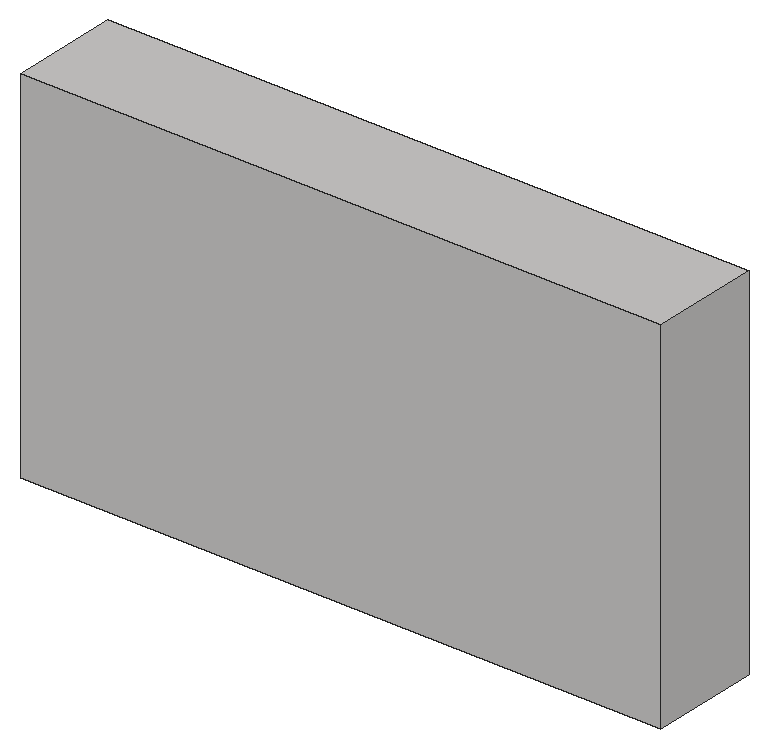
Revit family "T93062A Kubus65 Kombi LED syrefast stål Alog_Vegg", category Lighting Fixtures, Revit 2016
Family settings
  Part Type = Normal
  Round Connector Dimension = Use Diameter
  OmniClass Number = 23.80.70.11.21
  OmniClass Title = Emergency Lighting
  Work Plane-Based = No
  Always vertical = Yes
  Cut with Voids When Loaded = No
  Light Source = Yes
  Shared = No
  Room Calculation Point = No
Parameters (values of type "LedeLys")
  Type Comments = "-UN"
  NS8360 = "4432_WT2"
  Markeringslys normal = no
  Markeringslys ikke normal = no
  Keynote = "WT2"
  Height 2 = 0 mm  # constant formula
  Width = 63.5 mm
  Wattage Comments = "17 W"
  Wattage = 9.2903 W
  built-in parameter 1150110 = 1 (stored number, unit not read)
  Voltage = 230 V
  URL = ""
  built-in parameter 1114217 = 1 (stored number, unit not read)
  Tilt Angle = 90.00°
  built-in parameter 1150109 = 1 (stored number, unit not read)
  built-in parameter 1150134 = 3
  Symbol Positive Direction [instance] = yes
  Symbol Offset Side [instance] = 0 mm
  Symbol Offset Out [instance] = 0 mm
  built-in parameter 1150113 = 1 (stored number, unit not read)
  Reference Line Out [instance] = 50 mm
  Photometric Web File = "20x42A12.ies"
  Number of Poles = 1
  MarkeringsLys Venstre = yes
  MarkeringsLys Ned = no
  MarkeringsLys Opp = no
  MarkeringsLys Høyre = no
  MarkeringsLys 45 Opp mot venstre = no
  MarkeringsLys 45 Opp mot høyre = no
  MarkeringsLys 45 Ned mot venstre = no
  MarkeringsLys 45 Ned mot høyre = no
  ML = no
  built-in parameter 1150105 = 109.82 (stored number, unit not read)
  Lumens = 1380 lm
  built-in parameter 1150115 = 1 (stored number, unit not read)
  Load Classification [instance] = Other
  Model = ""
  Manufacturer = "Honeywell"
  built-in parameter 1150137 = (empty or 0)
  built-in parameter 1150139 = (empty or 0)
  Length 1 = 340 mm
  Length = 370 mm
  LedeLys = yes
  built-in parameter 1150112 = 1 (stored number, unit not read)
  built-in parameter 1150114 = 1 (stored number, unit not read)
  Lamp = "1"
  built-in parameter 1150132 = (empty or 0)
  built-in parameter 1150102 = (empty or 0)
  built-in parameter 1150107 = 3200 (stored number, unit not read)
  built-in parameter 1150138 = (empty or 0)
  built-in parameter 1150106 = 1.0982 (stored number, unit not read)
  Height 1 = 180 mm
  Height = 209 mm
  Emit from Rectangle Width = Height  # 209 mm
  Emit from Rectangle Length = Length  # 370 mm
  Emit Shape Visible in Rendering = no
  built-in parameter 1150104 = 13.8 (stored number, unit not read)
  Dimming Lamp Color Temperature Shift = <None>
  Description = ""
  Color Filter = 16777215
  Body Material and Colour = Stainless Steel
  built-in parameter 1114218 = 1 (stored number, unit not read)
  built-in parameter 1150133 = 10 (stored number, unit not read)
  Assembly Code = "4432"
  Apparent Load = 17 VA
Types (9, lengths in mm): name | NS8360 | Markeringslys normal | Markeringslys ikke normal | MarkeringsLys Venstre | MarkeringsLys Ned | MarkeringsLys Opp | MarkeringsLys Høyre | MarkeringsLys 45 Opp mot venstre | MarkeringsLys 45 Opp mot høyre | MarkeringsLys 45 Ned mot venstre | MarkeringsLys 45 Ned mot høyre | ML | LedeLys | Assembly Code
  LedeLys | "4432_WT2" | no | no | yes | no | no | no | no | no | no | no | no | yes | "4432"
  MarkeringsLys (Ned) | "4431_WT2" | yes | no | no | yes | no | no | no | no | no | no | yes | no | "4431"
  MarkeringsLys (Opp) | "4431_WT2" | yes | no | no | no | yes | no | no | no | no | no | yes | no | "4431"
  MarkeringsLys (Venstre) | "4431_WT2" | no | yes | yes | no | no | no | no | no | no | no | yes | no | "4431"
  MarkeringsLys (Høyre) | "4431_WT2" | yes | no | no | no | no | yes | no | no | no | no | yes | no | "4431"
  MarkeringsLys (45 Ned mot høyre) | "4431_WT2" | yes | no | no | no | no | no | no | no | no | yes | yes | no | "4431"
  MarkeringsLys (45 Ned mot venstre) | "4431_WT2" | no | yes | no | no | no | no | no | no | yes | no | yes | no | "4431"
  MarkeringsLys (45 Opp mot høyre) | "4431_WT2" | yes | no | no | no | no | no | no | yes | no | no | yes | no | "4431"
  MarkeringsLys (45 Opp mot venstre) | "4431_WT2" | no | yes | no | no | no | no | yes | no | no | no | yes | no | "4431"
Reference planes
  plane 1 "Light Source Axis (F/B)": y = 119.961
  plane 2 "Top": z = 83
  plane 3 "Light Source Axis (L/R)": x = 0
  plane 4 "Level": z = 0
  plane 5 "Bottom": z = -209
  plane 6: x = -185
  plane 7: x = 185
  plane 8: y = 181.461
  plane 9: y = 183.461
  plane 10: z = -14.5
  plane 11: x = -170
  plane 12: x = 170
  plane 13: z = -104.5
  plane 14: z = -194.5
  plane 15: x = -80
  plane 16: x = 80
  plane 17: y = 149.961
Forms (mm)
  Extrusion 1, solid, material "Stainless Steel" <- "Body Material and Colour"
    sketch origin (0, 119.961, 0) x (1, 0, 0) y (0, 0, 1)
      loop
        line (-185, 0) -> (-185, -209) -> (185, -209) -> (185, 0) -> (-185, 0)
    from 0 to -61.5
  Extrusion 2, solid, material "Stainless Steel" <- "Body Material and Colour"
    sketch origin (0, 119.961, 0) x (1, 0, 0) y (0, 0, 1)
      loop
        line (-185, 0) -> (-185, -209) -> (185, -209) -> (185, 0) -> (-185, 0)
      loop
        line (-170, -14.5) -> (-170, -194.5) -> (170, -194.5) -> (170, -14.5) -> (-170, -14.5)
    from -63.5 to -61.5
  Extrusion 3, solid, material "White"
    sketch origin (0, 119.961, 0) x (1, 0, 0) y (0, 0, 1)
      loop
        line (170, -14.5) -> (-170, -14.5) -> (-170, -194.5) -> (170, -194.5) -> (170, -14.5)
    from -61.5 to -30
Cuts and joins
  joined: Extrusion 1, Extrusion 2
Lines and regions (mm)
  model lines, style "InvisibleLines"
    curve 1: line (0, 119.961, 0) -> (0, 169.961, 0)
  symbolic lines, style "InvisibleLines"
    curve 2: line (0, 119.961, 0) -> (0, 119.961, 50)
Dimensions and locks
  equal spacing: plane 6, plane 3 "Light Source Axis (L/R)", plane 7
  "Length": plane 6 to plane 7
  plane 8 to plane 1 "Light Source Axis (F/B)" = 61.5 mm
  locked: plane 9 to plane 8 at 2
  equal spacing: plane 4 "Level", plane 13, plane 5 "Bottom"
  "Height": plane 4 "Level" to plane 5 "Bottom"
  equal spacing: plane 11, plane 3 "Light Source Axis (L/R)", plane 12
  "Length 1": plane 11 to plane 12
  equal spacing: plane 10, plane 13, plane 14
  "Height 1": plane 10 to plane 14
  "Width": plane 1 "Light Source Axis (F/B)" to plane 9
  "Reference Line Out": plane 1 "Light Source Axis (F/B)" to curve 1
  plane 11 to plane 6 = 15 mm
  "Height 2": level to plane 4 "Level"
  equal spacing: plane 16, plane 3 "Light Source Axis (L/R)", plane 15
  locked: plane 16 to plane 15 at 160
  plane 1 "Light Source Axis (F/B)" to plane 17 = 30 mm
  aligned and locked: plane 3 "Light Source Axis (L/R)" to nested 2
  aligned and locked: plane 1 "Light Source Axis (F/B)" to nested 2
  aligned and locked: plane 8 to nested 1
  aligned and locked: plane 4 "Level" to Extrusion 1 sketch curve
  aligned and locked: plane 6 to Extrusion 1 sketch curve
  aligned and locked: plane 5 "Bottom" to Extrusion 1 sketch curve
  aligned and locked: Extrusion 1 sketch curve to plane 7
  aligned and locked: Extrusion 1 to plane 8
  aligned and locked: plane 1 "Light Source Axis (F/B)" to Extrusion 1
  aligned and locked: plane 4 "Level" to Extrusion 2 sketch curve
  aligned and locked: Extrusion 2 sketch curve to plane 7
  aligned and locked: plane 5 "Bottom" to Extrusion 2 sketch curve
  aligned and locked: plane 6 to Extrusion 2 sketch curve
  aligned and locked: Extrusion 2 sketch curve to plane 10
  aligned and locked: plane 11 to Extrusion 2 sketch curve
  aligned and locked: plane 14 to Extrusion 2 sketch curve
  aligned and locked: Extrusion 2 sketch curve to plane 12
  aligned and locked: plane 8 to Extrusion 2
  aligned and locked: Extrusion 2 to plane 9
  aligned and locked: nested 1 to plane 13
  aligned and locked: plane 13 to imposter light
  aligned and locked: imposter light to plane 1 "Light Source Axis (F/B)"
  aligned and locked: imposter light to plane 3 "Light Source Axis (L/R)"
  aligned and locked: plane 1 "Light Source Axis (F/B)" to curve 1
  aligned and locked: plane 3 "Light Source Axis (L/R)" to curve 1
  aligned and locked: nested 3 to plane 3 "Light Source Axis (L/R)"
  aligned and locked: plane 13 to nested 3
  aligned and locked: nested 3 to plane 8
  aligned and locked: plane 13 to nested 4
  aligned and locked: nested 4 to plane 3 "Light Source Axis (L/R)"
  aligned and locked: nested 4 to plane 8
  aligned and locked: plane 13 to nested 5
  aligned and locked: nested 5 to plane 3 "Light Source Axis (L/R)"
  aligned and locked: nested 5 to plane 8
  aligned and locked: plane 13 to nested 6
  aligned and locked: nested 6 to plane 3 "Light Source Axis (L/R)"
  aligned and locked: nested 6 to plane 8
  aligned and locked: nested 7 to plane 8
  aligned and locked: nested 7 to plane 3 "Light Source Axis (L/R)"
  aligned and locked: plane 13 to nested 7
  aligned and locked: nested 8 to plane 8
  aligned and locked: nested 8 to plane 3 "Light Source Axis (L/R)"
  aligned and locked: plane 13 to nested 8
  aligned and locked: nested 9 to plane 8
  aligned and locked: plane 13 to nested 9
  aligned and locked: nested 9 to plane 3 "Light Source Axis (L/R)"
  aligned and locked: Extrusion 3 sketch curve to plane 12
  aligned and locked: plane 14 to Extrusion 3 sketch curve
  aligned and locked: plane 11 to Extrusion 3 sketch curve
  aligned and locked: Extrusion 3 sketch curve to plane 10
  aligned and locked: Extrusion 3 to plane 8
  aligned and locked: Extrusion 3 to plane 17
  aligned and locked: plane 3 "Light Source Axis (L/R)" to curve 2
  aligned and locked: level to curve 2
  aligned and locked: plane 3 "Light Source Axis (L/R)" to nested 10
  aligned and locked: plane 1 "Light Source Axis (F/B)" to nested 10
Automatic sketch dimensions
  plane 2 "Top" to curve 2 = 33 mm
Nested families
  nested 1: "Formula 65_ned" at (0, 181.461, -104.5), type "Formula 65"
  nested 2: "LedelysS" at (0, 119.961, 0), visible <- "LedeLys", type "Type 1"
  nested 3: "Formula 65_skrått 45 grader ned mot høyre" at (0, 181.461, -104.5) x (-1, 0, 0) z (0, 0, 1), visible <- "LedeLys", type "Formula 65"
  nested 4: "Formula 65_skrått 45 grader ned mot venstre" at (0, 181.461, -104.5) x (-1, 0, 0) z (0, 0, 1), type "Formula 65"
    with 45 ned mot venstre no
  nested 5: "Formula 65_skrått 45 grader opp mot høyre" at (0, 181.461, -104.5) x (-1, 0, 0) z (0, 0, 1), type "Formula 65"
    with 45 grader opp mot høyre no
  nested 6: "Formula 65_skrått 45 grader opp mot venstre" at (0, 181.461, -104.5) x (-1, 0, 0) z (0, 0, 1), type "Formula 65"
  nested 7: "Formula 65_høyre" at (0, 181.461, -104.5) x (-1, 0, 0) z (0, 0, 1), type "Formula 65"
  nested 8: "Formula 65_opp" at (0, 181.461, -104.5) x (-1, 0, 0) z (0, 0, 1), type "Formula 65"
  nested 9: "Formula 65_venstre" at (0, 181.461, -104.5) x (-1, 0, 0) z (0, 0, 1), type "Formula 65"
    with Venstre yes
  nested 10: "Markeringslys1sideS" at (0, 119.961, 0), visible <- "ML", type "Type 1"
    with Venstre yes, Normal no, Høyre ned 45 no
Connectors
  electrical at (0, 119.961, 0), driven by "Number of Poles", driven by "Load Classification", driven by "Voltage", driven by "Apparent Load"
    settings: index 1, voltage 230 V, apparent load 0 VA, apparent load phase1 17 VA, apparent load phase2 0 VA, apparent load phase3 0 VA, power factor 1, load classification "Other", number of poles 1, system type 31, power factor state 1, is connector primary yes, connector utility no, sub classification motor no, connector description ""
Definition of nested family "Formula 65_venstre"
  Parameters (values of type "Formula 65")
    Venstre = no
    L = 340 mm
    H = 135 mm
  Reference planes
    plane 1 "Center (Front/Back)": y = 0
    plane 2: z = 0
    plane 3 "Center (Left/Right)": x = 0
    plane 4: y = -2
  Forms (mm)
    Extrusion 1, solid, visible <- "Venstre"
      sketch origin (453.48, 0, -265.275) x (1, 0, 0) y (0, 0, 1)
        loop
          line (-283.48, 355.275) -> (-623.48, 355.275) -> (-623.48, 175.275) -> (-283.48, 175.275) -> (-283.48, 355.275)
        loop
          circle (-413.631, 316.426) r 9.538
        loop
          line (-405.818, 299.649) -> (-410.792, 294.675) -> (-405.215, 285.016) -> (-421.051, 271.728)
          arc (-421.051, 271.728) -> (-421.985, 269.934) -> (-421.377, 268.006) r 2.642
          line (-421.377, 268.006) -> (-419.113, 265.307)
          arc (-419.113, 265.307) -> (-417.319, 264.373) -> (-415.391, 264.981) r 2.642
          line (-415.391, 264.981) -> (-400.744, 277.271) -> (-394.037, 265.655) -> (-409.421, 252.746) -> (-409.421, 210.706)
          arc (-409.421, 210.706) -> (-408.132, 207.592) -> (-405.018, 206.303) r 4.403
          line (-405.018, 206.303) -> (-400.615, 206.303)
          arc (-400.615, 206.303) -> (-397.501, 207.592) -> (-396.211, 210.706) r 4.403
          line (-396.211, 210.706) -> (-396.211, 246.586) -> (-387.33, 254.038) -> (-380.295, 241.853) -> (-334.565, 241.853)
          arc (-334.565, 241.853) -> (-331.452, 243.143) -> (-330.162, 246.257) r 4.403
          line (-330.162, 246.257) -> (-330.162, 250.66)
          arc (-330.162, 250.66) -> (-331.452, 253.773) -> (-334.565, 255.063) r 4.403
          line (-334.565, 255.063) -> (-357.415, 255.063) -> (-379.592, 293.474) -> (-356.678, 289.013) -> (-348.425, 274.717)
          arc (-348.425, 274.717) -> (-346.753, 273.469) -> (-344.698, 273.823) r 2.642
          line (-344.698, 273.823) -> (-341.647, 275.804)
          arc (-341.647, 275.804) -> (-340.501, 277.47) -> (-340.87, 279.459) r 2.642
          line (-340.87, 279.459) -> (-352.354, 297.143) -> (-398.173, 306.065) -> (-405.818, 299.649)
        loop
          line (-549.985, 294.797) -> (-579.507, 265.275) -> (-549.985, 235.753) -> (-532.272, 235.753) -> (-552.937, 256.418) -> (-465.507, 256.418) -> (-465.507, 274.131) -> (-552.937, 274.131) -> (-532.272, 294.797) -> (-549.985, 294.797)
      from 0 to 2
  Dimensions and locks
    aligned and locked: level to plane 2
Definition of nested family "Formula 65_ned"
  Parameters (values of type "Formula 65")
    Ned = no
    L = 205 mm
    H = 135 mm
  Reference planes
    plane 1 "Center (Front/Back)": y = 0
    plane 2: z = 0
    plane 3 "Center (Left/Right)": x = 0
    plane 4: y = -2
  Forms (mm)
    Extrusion 1, solid, visible <- "Ned"
      sketch origin (453.48, 0, -265.275) x (1, 0, 0) y (0, 0, 1)
        loop
          line (-283.48, 355.275) -> (-623.48, 355.275) -> (-623.48, 175.275) -> (-283.48, 175.275) -> (-283.48, 355.275)
        loop
          line (-488.223, 237.797) -> (-488.223, 255.51) -> (-508.888, 234.844) -> (-508.888, 322.275) -> (-526.602, 322.275) -> (-526.602, 234.844) -> (-547.267, 255.51) -> (-547.267, 237.797) -> (-517.745, 208.275) -> (-488.223, 237.797)
        loop
          circle (-413.631, 316.426) r 9.538
        loop
          line (-405.818, 299.649) -> (-410.792, 294.675) -> (-405.215, 285.016) -> (-421.051, 271.728)
          arc (-421.051, 271.728) -> (-421.985, 269.934) -> (-421.377, 268.006) r 2.642
          line (-421.377, 268.006) -> (-419.113, 265.307)
          arc (-419.113, 265.307) -> (-417.319, 264.373) -> (-415.391, 264.981) r 2.642
          line (-415.391, 264.981) -> (-400.744, 277.271) -> (-394.037, 265.655) -> (-409.421, 252.746) -> (-409.421, 210.706)
          arc (-409.421, 210.706) -> (-408.132, 207.592) -> (-405.018, 206.303) r 4.403
          line (-405.018, 206.303) -> (-400.615, 206.303)
          arc (-400.615, 206.303) -> (-397.501, 207.592) -> (-396.211, 210.706) r 4.403
          line (-396.211, 210.706) -> (-396.211, 246.586) -> (-387.33, 254.038) -> (-380.295, 241.853) -> (-334.565, 241.853)
          arc (-334.565, 241.853) -> (-331.452, 243.143) -> (-330.162, 246.257) r 4.403
          line (-330.162, 246.257) -> (-330.162, 250.66)
          arc (-330.162, 250.66) -> (-331.452, 253.773) -> (-334.565, 255.063) r 4.403
          line (-334.565, 255.063) -> (-357.415, 255.063) -> (-379.592, 293.474) -> (-356.678, 289.013) -> (-348.425, 274.717)
          arc (-348.425, 274.717) -> (-346.753, 273.469) -> (-344.698, 273.823) r 2.642
          line (-344.698, 273.823) -> (-341.647, 275.804)
          arc (-341.647, 275.804) -> (-340.501, 277.47) -> (-340.87, 279.459) r 2.642
          line (-340.87, 279.459) -> (-352.354, 297.143) -> (-398.173, 306.065) -> (-405.818, 299.649)
      from 0 to 2
  Dimensions and locks
    aligned and locked: level to plane 2
Definition of nested family "LedelysS"
  Parameters
    CQ Symbol Positive Direction = yes
    CQ Symbol Negative Direction = not(CQ Symbol Positive Direction)  # no
    CQ Symbol Offset Side = 0 mm
    CQ Symbol Offset Out = 0 mm
  Reference planes
    plane 1: y = 0
    plane 2: x = 0
  Dimensions and locks
    "CQ Symbol Offset Out": plane 1 to nested 1
    "CQ Symbol Offset Out": plane 1 to nested 2
    "CQ Symbol Offset Side": plane 2 to nested 2
    "CQ Symbol Offset Side": nested 1 to plane 2
  Nested families
    nested 1: "LedelysSub" at (0, 0, 0), visible <- "CQ Symbol Negative Direction", type "Type 1"
    nested 2: "LedelysSub" at (0, 0, 0), visible <- "CQ Symbol Positive Direction", type "Type 1"
  Definition of nested family "LedelysSub"
    Reference planes
      plane 1: y = 0
      plane 2: x = 0
    Lines and regions (mm)
      detail lines
        curve 1: line (-4, 0, 0) -> (4, 0, 0)
        curve 2: line (4, 0, 0) -> (4, 4, 0)
        curve 3: line (4, 4, 0) -> (-4, 4, 0)
        curve 4: line (-4, 4, 0) -> (-4, 0, 0)
        curve 5: line (-3.097, 0.75, 0) -> (-0.597, 3.25, 0)
        curve 6: line (-3.097, 3.25, 0) -> (-0.597, 0.75, 0)
        curve 7: circle (-1.847, 2, 0) r 1.2 normal (0, 0, 1)
    Text (mm)
      text "LL" at (2.179, 3.025, 0)
Definition of nested family "Formula 65_skrått 45 grader ned mot høyre"
  Parameters (values of type "Formula 65")
    L = 205 mm
    H = 135 mm
    45 ned mot høyre = no
  Reference planes
    plane 1 "Center (Front/Back)": y = 0
    plane 2: z = 0
    plane 3 "Center (Left/Right)": x = 0
    plane 4: y = -2
    plane 5: x = -242.63
    plane 6: x = 245
  Forms (mm)
    Extrusion 1, solid, visible <- "45 ned mot høyre"
      sketch origin (453.48, 0, -265.275) x (1, 0, 0) y (0, 0, 1)
        loop
          line (-283.48, 355.275) -> (-623.48, 355.275) -> (-623.48, 175.275) -> (-283.48, 175.275) -> (-283.48, 355.275)
        loop
          circle (-493.329, 316.426) r 9.538
        loop
          line (-501.141, 299.649) -> (-508.786, 306.065) -> (-554.605, 297.143) -> (-566.089, 279.459)
          arc (-566.089, 279.459) -> (-566.458, 277.47) -> (-565.312, 275.804) r 2.642
          line (-565.312, 275.804) -> (-562.261, 273.823)
          arc (-562.261, 273.823) -> (-560.206, 273.469) -> (-558.534, 274.717) r 2.642
          line (-558.534, 274.717) -> (-550.281, 289.013) -> (-527.367, 293.474) -> (-549.544, 255.063) -> (-572.394, 255.063)
          arc (-572.394, 255.063) -> (-575.507, 253.773) -> (-576.797, 250.66) r 4.403
          line (-576.797, 250.66) -> (-576.797, 246.257)
          arc (-576.797, 246.257) -> (-575.507, 243.143) -> (-572.394, 241.853) r 4.403
          line (-572.394, 241.853) -> (-526.664, 241.853) -> (-519.629, 254.038) -> (-510.748, 246.586) -> (-510.748, 210.706)
          arc (-510.748, 210.706) -> (-509.458, 207.592) -> (-506.344, 206.303) r 4.403
          line (-506.344, 206.303) -> (-501.941, 206.303)
          arc (-501.941, 206.303) -> (-498.828, 207.592) -> (-497.538, 210.706) r 4.403
          line (-497.538, 210.706) -> (-497.538, 252.746) -> (-512.922, 265.655) -> (-506.215, 277.271) -> (-491.568, 264.981)
          arc (-491.568, 264.981) -> (-489.64, 264.373) -> (-487.846, 265.307) r 2.642
          line (-487.846, 265.307) -> (-485.582, 268.006)
          arc (-485.582, 268.006) -> (-484.974, 269.934) -> (-485.908, 271.728) r 2.642
          line (-485.908, 271.728) -> (-501.744, 285.016) -> (-496.167, 294.675) -> (-501.141, 299.649)
        loop
          line (-336.647, 266.72) -> (-349.172, 279.245) -> (-349.172, 250.02) -> (-410.995, 311.842) -> (-423.52, 299.317) -> (-361.697, 237.495) -> (-390.923, 237.495) -> (-378.397, 224.97) -> (-336.647, 224.97) -> (-336.647, 266.72)
      from 0 to 2
  Dimensions and locks
    aligned and locked: level to plane 2
Definition of nested family "Formula 65_skrått 45 grader ned mot venstre"
  Parameters (values of type "Formula 65")
    L = 205 mm
    H = 135 mm
    45 ned mot venstre = yes
  Reference planes
    plane 1 "Center (Front/Back)": y = 0
    plane 2: z = 0
    plane 3 "Center (Left/Right)": x = 0
    plane 4: y = -2
  Forms (mm)
    Extrusion 1, solid, visible <- "45 ned mot venstre"
      sketch origin (453.48, 0, -265.275) x (1, 0, 0) y (0, 0, 1)
        loop
          line (-283.48, 355.275) -> (-623.48, 355.275) -> (-623.48, 175.275) -> (-283.48, 175.275) -> (-283.48, 355.275)
        loop
          circle (-413.631, 316.426) r 9.538
        loop
          line (-405.818, 299.649) -> (-410.792, 294.675) -> (-405.215, 285.016) -> (-421.051, 271.728)
          arc (-421.051, 271.728) -> (-421.985, 269.934) -> (-421.377, 268.006) r 2.642
          line (-421.377, 268.006) -> (-419.113, 265.307)
          arc (-419.113, 265.307) -> (-417.319, 264.373) -> (-415.391, 264.981) r 2.642
          line (-415.391, 264.981) -> (-400.744, 277.271) -> (-394.037, 265.655) -> (-409.421, 252.746) -> (-409.421, 210.706)
          arc (-409.421, 210.706) -> (-408.132, 207.592) -> (-405.018, 206.303) r 4.403
          line (-405.018, 206.303) -> (-400.615, 206.303)
          arc (-400.615, 206.303) -> (-397.501, 207.592) -> (-396.211, 210.706) r 4.403
          line (-396.211, 210.706) -> (-396.211, 246.586) -> (-387.33, 254.038) -> (-380.295, 241.853) -> (-334.565, 241.853)
          arc (-334.565, 241.853) -> (-331.452, 243.143) -> (-330.162, 246.257) r 4.403
          line (-330.162, 246.257) -> (-330.162, 250.66)
          arc (-330.162, 250.66) -> (-331.452, 253.773) -> (-334.565, 255.063) r 4.403
          line (-334.565, 255.063) -> (-357.415, 255.063) -> (-379.592, 293.474) -> (-356.678, 289.013) -> (-348.425, 274.717)
          arc (-348.425, 274.717) -> (-346.753, 273.469) -> (-344.698, 273.823) r 2.642
          line (-344.698, 273.823) -> (-341.647, 275.804)
          arc (-341.647, 275.804) -> (-340.501, 277.47) -> (-340.87, 279.459) r 2.642
          line (-340.87, 279.459) -> (-352.354, 297.143) -> (-398.173, 306.065) -> (-405.818, 299.649)
        loop
          line (-564.312, 266.72) -> (-564.312, 224.97) -> (-522.562, 224.97) -> (-510.037, 237.495) -> (-539.262, 237.495) -> (-477.439, 299.317) -> (-489.964, 311.842) -> (-551.787, 250.02) -> (-551.787, 279.245) -> (-564.312, 266.72)
      from 0 to 2
  Dimensions and locks
    aligned and locked: level to plane 2
Definition of nested family "Formula 65_skrått 45 grader opp mot høyre"
  Parameters (values of type "Formula 65")
    L = 205 mm
    H = 135 mm
    45 grader opp mot høyre = yes
  Reference planes
    plane 1 "Center (Front/Back)": y = 0
    plane 2: z = 0
    plane 3 "Center (Left/Right)": x = 0
    plane 4: y = -2
  Forms (mm)
    Extrusion 1, solid, visible <- "45 grader opp mot høyre"
      sketch origin (453.48, 0, -265.275) x (1, 0, 0) y (0, 0, 1)
        loop
          line (-283.48, 355.275) -> (-623.48, 355.275) -> (-623.48, 175.275) -> (-283.48, 175.275) -> (-283.48, 355.275)
        loop
          circle (-493.329, 316.426) r 9.538
        loop
          line (-501.141, 299.649) -> (-508.786, 306.065) -> (-554.605, 297.143) -> (-566.089, 279.459)
          arc (-566.089, 279.459) -> (-566.458, 277.47) -> (-565.312, 275.804) r 2.642
          line (-565.312, 275.804) -> (-562.261, 273.823)
          arc (-562.261, 273.823) -> (-560.206, 273.469) -> (-558.534, 274.717) r 2.642
          line (-558.534, 274.717) -> (-550.281, 289.013) -> (-527.367, 293.474) -> (-549.544, 255.063) -> (-572.394, 255.063)
          arc (-572.394, 255.063) -> (-575.507, 253.773) -> (-576.797, 250.66) r 4.403
          line (-576.797, 250.66) -> (-576.797, 246.257)
          arc (-576.797, 246.257) -> (-575.507, 243.143) -> (-572.394, 241.853) r 4.403
          line (-572.394, 241.853) -> (-526.664, 241.853) -> (-519.629, 254.038) -> (-510.748, 246.586) -> (-510.748, 210.706)
          arc (-510.748, 210.706) -> (-509.458, 207.592) -> (-506.344, 206.303) r 4.403
          line (-506.344, 206.303) -> (-501.941, 206.303)
          arc (-501.941, 206.303) -> (-498.828, 207.592) -> (-497.538, 210.706) r 4.403
          line (-497.538, 210.706) -> (-497.538, 252.746) -> (-512.922, 265.655) -> (-506.215, 277.271) -> (-491.568, 264.981)
          arc (-491.568, 264.981) -> (-489.64, 264.373) -> (-487.846, 265.307) r 2.642
          line (-487.846, 265.307) -> (-485.582, 268.006)
          arc (-485.582, 268.006) -> (-484.974, 269.934) -> (-485.908, 271.728) r 2.642
          line (-485.908, 271.728) -> (-501.744, 285.016) -> (-496.167, 294.675) -> (-501.141, 299.649)
        loop
          line (-336.647, 263.83) -> (-336.647, 305.58) -> (-378.397, 305.58) -> (-390.923, 293.055) -> (-361.697, 293.055) -> (-423.52, 231.232) -> (-410.995, 218.707) -> (-349.172, 280.53) -> (-349.172, 251.304) -> (-336.647, 263.83)
      from 0 to 2
  Dimensions and locks
    aligned and locked: level to plane 2
Definition of nested family "Formula 65_skrått 45 grader opp mot venstre"
  Parameters (values of type "Formula 65")
    L = 205 mm
    H = 135 mm
    45 opp mot venstre = no
  Reference planes
    plane 1 "Center (Front/Back)": y = 0
    plane 2: z = 0
    plane 3 "Center (Left/Right)": x = 0
    plane 4: y = -2
  Forms (mm)
    Extrusion 1, solid, visible <- "45 opp mot venstre"
      sketch origin (453.48, 0, -265.275) x (1, 0, 0) y (0, 0, 1)
        loop
          line (-283.48, 355.275) -> (-623.48, 355.275) -> (-623.48, 175.275) -> (-283.48, 175.275) -> (-283.48, 355.275)
        loop
          circle (-413.631, 316.426) r 9.538
        loop
          line (-405.818, 299.649) -> (-410.792, 294.675) -> (-405.215, 285.016) -> (-421.051, 271.728)
          arc (-421.051, 271.728) -> (-421.985, 269.934) -> (-421.377, 268.006) r 2.642
          line (-421.377, 268.006) -> (-419.113, 265.307)
          arc (-419.113, 265.307) -> (-417.319, 264.373) -> (-415.391, 264.981) r 2.642
          line (-415.391, 264.981) -> (-400.744, 277.271) -> (-394.037, 265.655) -> (-409.421, 252.746) -> (-409.421, 210.706)
          arc (-409.421, 210.706) -> (-408.132, 207.592) -> (-405.018, 206.303) r 4.403
          line (-405.018, 206.303) -> (-400.615, 206.303)
          arc (-400.615, 206.303) -> (-397.501, 207.592) -> (-396.211, 210.706) r 4.403
          line (-396.211, 210.706) -> (-396.211, 246.586) -> (-387.33, 254.038) -> (-380.295, 241.853) -> (-334.565, 241.853)
          arc (-334.565, 241.853) -> (-331.452, 243.143) -> (-330.162, 246.257) r 4.403
          line (-330.162, 246.257) -> (-330.162, 250.66)
          arc (-330.162, 250.66) -> (-331.452, 253.773) -> (-334.565, 255.063) r 4.403
          line (-334.565, 255.063) -> (-357.415, 255.063) -> (-379.592, 293.474) -> (-356.678, 289.013) -> (-348.425, 274.717)
          arc (-348.425, 274.717) -> (-346.753, 273.469) -> (-344.698, 273.823) r 2.642
          line (-344.698, 273.823) -> (-341.647, 275.804)
          arc (-341.647, 275.804) -> (-340.501, 277.47) -> (-340.87, 279.459) r 2.642
          line (-340.87, 279.459) -> (-352.354, 297.143) -> (-398.173, 306.065) -> (-405.818, 299.649)
        loop
          line (-576.312, 263.83) -> (-563.787, 251.304) -> (-563.787, 280.53) -> (-501.964, 218.707) -> (-489.439, 231.232) -> (-551.262, 293.055) -> (-522.037, 293.055) -> (-534.562, 305.58) -> (-576.312, 305.58) -> (-576.312, 263.83)
      from 0 to 2
  Dimensions and locks
    aligned and locked: level to plane 2
Definition of nested family "Formula 65_høyre"
  Parameters (values of type "Formula 65")
    L = 205 mm
    Høyre = no
    H = 135 mm
  Reference planes
    plane 1 "Center (Front/Back)": y = 0
    plane 2: z = 0
    plane 3 "Center (Left/Right)": x = 0
    plane 4: y = -2
  Forms (mm)
    Extrusion 1, solid, visible <- "Høyre"
      sketch origin (453.48, 0, -265.275) x (1, 0, 0) y (0, 0, 1)
        loop
          line (-283.48, 355.275) -> (-623.48, 355.275) -> (-623.48, 175.275) -> (-283.48, 175.275) -> (-283.48, 355.275)
        loop
          circle (-493.329, 316.426) r 9.538
        loop
          line (-501.141, 299.649) -> (-508.786, 306.065) -> (-554.605, 297.143) -> (-566.089, 279.459)
          arc (-566.089, 279.459) -> (-566.458, 277.47) -> (-565.312, 275.804) r 2.642
          line (-565.312, 275.804) -> (-562.261, 273.823)
          arc (-562.261, 273.823) -> (-560.206, 273.469) -> (-558.534, 274.717) r 2.642
          line (-558.534, 274.717) -> (-550.281, 289.013) -> (-527.367, 293.474) -> (-549.544, 255.063) -> (-572.394, 255.063)
          arc (-572.394, 255.063) -> (-575.507, 253.773) -> (-576.797, 250.66) r 4.403
          line (-576.797, 250.66) -> (-576.797, 246.257)
          arc (-576.797, 246.257) -> (-575.507, 243.143) -> (-572.394, 241.853) r 4.403
          line (-572.394, 241.853) -> (-526.664, 241.853) -> (-519.629, 254.038) -> (-510.748, 246.586) -> (-510.748, 210.706)
          arc (-510.748, 210.706) -> (-509.458, 207.592) -> (-506.344, 206.303) r 4.403
          line (-506.344, 206.303) -> (-501.941, 206.303)
          arc (-501.941, 206.303) -> (-498.828, 207.592) -> (-497.538, 210.706) r 4.403
          line (-497.538, 210.706) -> (-497.538, 252.746) -> (-512.922, 265.655) -> (-506.215, 277.271) -> (-491.568, 264.981)
          arc (-491.568, 264.981) -> (-489.64, 264.373) -> (-487.846, 265.307) r 2.642
          line (-487.846, 265.307) -> (-485.582, 268.006)
          arc (-485.582, 268.006) -> (-484.974, 269.934) -> (-485.908, 271.728) r 2.642
          line (-485.908, 271.728) -> (-501.744, 285.016) -> (-496.167, 294.675) -> (-501.141, 299.649)
        loop
          line (-346.474, 294.797) -> (-364.187, 294.797) -> (-343.522, 274.131) -> (-430.952, 274.131) -> (-430.952, 256.418) -> (-343.522, 256.418) -> (-364.187, 235.753) -> (-346.474, 235.753) -> (-316.952, 265.275) -> (-346.474, 294.797)
      from 0 to 2
  Dimensions and locks
    aligned and locked: level to plane 2
Definition of nested family "Formula 65_opp"
  Parameters (values of type "Formula 65")
    Up = no
    L = 205 mm
    H = 135 mm
  Reference planes
    plane 1 "Center (Front/Back)": y = 0
    plane 2: z = 0
    plane 3 "Center (Left/Right)": x = 0
    plane 4: y = -2
  Forms (mm)
    Extrusion 1, solid, visible <- "Up"
      sketch origin (453.48, 0, -265.275) x (1, 0, 0) y (0, 0, 1)
        loop
          line (-283.48, 355.275) -> (-623.48, 355.275) -> (-623.48, 175.275) -> (-283.48, 175.275) -> (-283.48, 355.275)
        loop
          circle (-413.631, 316.426) r 9.538
        loop
          line (-405.818, 299.649) -> (-410.792, 294.675) -> (-405.215, 285.016) -> (-421.051, 271.728)
          arc (-421.051, 271.728) -> (-421.985, 269.934) -> (-421.377, 268.006) r 2.642
          line (-421.377, 268.006) -> (-419.113, 265.307)
          arc (-419.113, 265.307) -> (-417.319, 264.373) -> (-415.391, 264.981) r 2.642
          line (-415.391, 264.981) -> (-400.744, 277.271) -> (-394.037, 265.655) -> (-409.421, 252.746) -> (-409.421, 210.706)
          arc (-409.421, 210.706) -> (-408.132, 207.592) -> (-405.018, 206.303) r 4.403
          line (-405.018, 206.303) -> (-400.615, 206.303)
          arc (-400.615, 206.303) -> (-397.501, 207.592) -> (-396.211, 210.706) r 4.403
          line (-396.211, 210.706) -> (-396.211, 246.586) -> (-387.33, 254.038) -> (-380.295, 241.853) -> (-334.565, 241.853)
          arc (-334.565, 241.853) -> (-331.452, 243.143) -> (-330.162, 246.257) r 4.403
          line (-330.162, 246.257) -> (-330.162, 250.66)
          arc (-330.162, 250.66) -> (-331.452, 253.773) -> (-334.565, 255.063) r 4.403
          line (-334.565, 255.063) -> (-357.415, 255.063) -> (-379.592, 293.474) -> (-356.678, 289.013) -> (-348.425, 274.717)
          arc (-348.425, 274.717) -> (-346.753, 273.469) -> (-344.698, 273.823) r 2.642
          line (-344.698, 273.823) -> (-341.647, 275.804)
          arc (-341.647, 275.804) -> (-340.501, 277.47) -> (-340.87, 279.459) r 2.642
          line (-340.87, 279.459) -> (-352.354, 297.143) -> (-398.173, 306.065) -> (-405.818, 299.649)
        loop
          line (-488.223, 292.753) -> (-517.745, 322.275) -> (-547.267, 292.753) -> (-547.267, 275.04) -> (-526.602, 295.705) -> (-526.602, 208.275) -> (-508.888, 208.275) -> (-508.888, 295.705) -> (-488.223, 275.04) -> (-488.223, 292.753)
      from 0 to 2
  Dimensions and locks
    aligned and locked: level to plane 2
Definition of nested family "Markeringslys1sideS"
  Parameters (values of type "Type 1")
    Venstre opp 45 = no
    Venstre ned 45 = no
    Venstre = no
    Opp = no
    Normal = yes
    Ned = no
    Ikke normal = no
    Høyre opp 45 = no
    Høyre ned 45 = yes
    Høyre = no
    CQ Symbol Positive Direction = yes
    CQ Symbol Negative Direction = not(CQ Symbol Positive Direction)  # no
    CQ Symbol Offset Side = 0 mm
    CQ Symbol Offset Out = 0 mm
  Reference planes
    plane 1: y = 0
    plane 2: x = 0
  Dimensions and locks
    "CQ Symbol Offset Out": plane 1 to nested 1
    "CQ Symbol Offset Out": plane 1 to nested 2
    "CQ Symbol Offset Side": plane 2 to nested 2
    "CQ Symbol Offset Side": nested 1 to plane 2
  Nested families
    nested 1: "Markeringslys dobbel" at (0, 0, 0), visible <- "CQ Symbol Negative Direction", type "Type 1"
      with Venstre no, Normal yes, Ikke normal no, Høyre ned 45 yes
    nested 2: "Markeringslys dobbel" at (0, 0, 0), visible <- "CQ Symbol Positive Direction", type "Type 1"
      with Venstre no, Normal yes, Ikke normal no, Høyre ned 45 yes
  Definition of nested family "Markeringslys dobbel"
    Parameters (values of type "Type 1")
      Venstre opp 45 = no
      Venstre ned 45 = no
      Venstre = yes
      Opp = no
      Normal = no
      Ned = no
      Ikke normal = yes
      Høyre opp 45 = no
      Høyre ned 45 = no
      Høyre = no
    Reference planes
      plane 1: y = 0
      plane 2: x = 0
    Lines and regions (mm)
      detail lines
        curve 1: line (-4, 0, 0) -> (4, 0, 0)
        curve 2: line (-4, 4, 0) -> (4, 4, 0)
        curve 3: line (4, 4, 0) -> (4, 0, 0)
        curve 4: line (4, 0, 0) -> (-4, 0, 0)
        curve 5: line (-4, 0, 0) -> (-4, 4, 0)
      detail lines, visible <- "Ned"
        curve 6: line (-2.346, 0.5, 0) -> (-1.646, 0.5, 0)
        curve 7: line (-2.346, 0.5, 0) -> (-2.346, 2.584, 0)
        curve 8: line (-1.646, 0.5, 0) -> (-1.646, 2.584, 0)
        curve 9: line (-1.996, 3.5, 0) -> (-2.996, 2.5, 0)
        curve 10: line (-2.996, 2.5, 0) -> (-2.996, 1.934, 0)
        curve 11: line (-2.996, 1.934, 0) -> (-2.346, 2.584, 0)
        curve 12: line (-1.996, 3.5, 0) -> (-0.996, 2.5, 0)
        curve 13: line (-0.996, 2.5, 0) -> (-0.996, 1.934, 0)
        curve 14: line (-0.996, 1.934, 0) -> (-1.646, 2.584, 0)
      detail lines, visible <- "Normal"
        curve 15: circle (1.212, 0.614, 0) r 0.3 normal (0, 0, -1)
        curve 16: line (0.986, 3.7, 0) -> (1.395, 3.7, 0)
        curve 17: line (0.986, 3.7, 0) -> (1.823, 2.308, 0)
        curve 18: line (1.823, 2.308, 0) -> (1.461, 1.495, 0)
        curve 19: line (1.069, 2.147, 0) -> (1.461, 1.495, 0)
        curve 20: line (1.069, 2.147, 0) -> (0.487, 2.147, 0)
        curve 21: line (0.487, 2.147, 0) -> (0.487, 1.847, 0)
        curve 22: line (0.487, 1.847, 0) -> (0.899, 1.847, 0)
        curve 23: line (0.899, 1.847, 0) -> (1.307, 1.169, 0)
        curve 24: line (1.395, 3.7, 0) -> (2.104, 2.518, 0)
        curve 25: line (1.307, 1.169, 0) -> (1.753, 0.97, 0)
        curve 26: line (1.753, 0.97, 0) -> (2.625, 0.97, 0)
        curve 27: line (2.625, 0.97, 0) -> (2.99, 1.627, 0)
        curve 28: line (2.99, 1.627, 0) -> (2.769, 1.848, 0)
        curve 29: line (2.769, 1.848, 0) -> (2.457, 1.285, 0)
        curve 30: line (2.104, 2.518, 0) -> (2.259, 3.229, 0)
        curve 31: line (2.259, 3.229, 0) -> (3.557, 3.229, 0)
        curve 32: line (3.557, 3.229, 0) -> (3.457, 2.879, 0)
        curve 33: line (3.457, 2.879, 0) -> (2.541, 2.879, 0)
        curve 34: line (2.541, 2.879, 0) -> (2.4, 2.23, 0)
        curve 35: line (2.4, 2.23, 0) -> (2.021, 1.38, 0)
        curve 36: line (2.021, 1.38, 0) -> (2.457, 1.285, 0)
      detail lines, visible <- "Opp"
        curve 37: line (-1.646, 3.5, 0) -> (-2.346, 3.5, 0)
        curve 38: line (-1.646, 3.5, 0) -> (-1.646, 1.416, 0)
        curve 39: line (-2.346, 3.5, 0) -> (-2.346, 1.416, 0)
        curve 40: line (-1.996, 0.5, 0) -> (-0.996, 1.5, 0)
        curve 41: line (-0.996, 1.5, 0) -> (-0.996, 2.066, 0)
        curve 42: line (-0.996, 2.066, 0) -> (-1.646, 1.416, 0)
        curve 43: line (-1.996, 0.5, 0) -> (-2.996, 1.5, 0)
        curve 44: line (-2.996, 1.5, 0) -> (-2.996, 2.066, 0)
        curve 45: line (-2.996, 2.066, 0) -> (-2.346, 1.416, 0)
      detail lines, visible <- "Høyre"
        curve 46: line (-0.496, 1.65, 0) -> (-0.496, 2.35, 0)
        curve 47: line (-0.496, 1.65, 0) -> (-2.58, 1.65, 0)
        curve 48: line (-0.496, 2.35, 0) -> (-2.58, 2.35, 0)
        curve 49: line (-3.496, 2, 0) -> (-2.466, 0.97, 0)
        curve 50: line (-2.496, 1, 0) -> (-1.93, 1, 0)
        curve 51: line (-1.93, 1, 0) -> (-2.58, 1.65, 0)
        curve 52: line (-3.496, 2, 0) -> (-2.496, 3, 0)
        curve 53: line (-2.496, 3, 0) -> (-1.93, 3, 0)
        curve 54: line (-1.93, 3, 0) -> (-2.58, 2.35, 0)
      detail lines, visible <- "Ikke normal"
        curve 55: circle (-1.299, 0.614, 0) r 0.3 normal (0, 0, 1)
        curve 56: line (-1.073, 3.7, 0) -> (-1.482, 3.7, 0)
        curve 57: line (-1.073, 3.7, 0) -> (-1.91, 2.308, 0)
        curve 58: line (-1.91, 2.308, 0) -> (-1.548, 1.495, 0)
        curve 59: line (-1.156, 2.147, 0) -> (-1.548, 1.495, 0)
        curve 60: line (-1.156, 2.147, 0) -> (-0.574, 2.147, 0)
        curve 61: line (-0.574, 2.147, 0) -> (-0.574, 1.847, 0)
        curve 62: line (-0.574, 1.847, 0) -> (-0.986, 1.847, 0)
        curve 63: line (-0.986, 1.847, 0) -> (-1.394, 1.169, 0)
        curve 64: line (-1.482, 3.7, 0) -> (-2.192, 2.518, 0)
        curve 65: line (-1.394, 1.169, 0) -> (-1.84, 0.97, 0)
        curve 66: line (-1.84, 0.97, 0) -> (-2.713, 0.97, 0)
        curve 67: line (-2.713, 0.97, 0) -> (-3.077, 1.627, 0)
        curve 68: line (-3.077, 1.627, 0) -> (-2.856, 1.848, 0)
        curve 69: line (-2.856, 1.848, 0) -> (-2.544, 1.285, 0)
        curve 70: line (-2.192, 2.518, 0) -> (-2.346, 3.229, 0)
        curve 71: line (-2.346, 3.229, 0) -> (-3.644, 3.229, 0)
        curve 72: line (-3.644, 3.229, 0) -> (-3.544, 2.879, 0)
        curve 73: line (-3.544, 2.879, 0) -> (-2.628, 2.879, 0)
        curve 74: line (-2.628, 2.879, 0) -> (-2.487, 2.23, 0)
        curve 75: line (-2.487, 2.23, 0) -> (-2.108, 1.38, 0)
        curve 76: line (-2.108, 1.38, 0) -> (-2.544, 1.285, 0)
      detail lines, visible <- "Venstre"
        curve 77: line (0.409, 1.65, 0) -> (0.409, 2.35, 0)
        curve 78: line (0.409, 1.65, 0) -> (2.493, 1.65, 0)
        curve 79: line (0.409, 2.35, 0) -> (2.493, 2.35, 0)
        curve 80: line (3.409, 2, 0) -> (2.409, 1, 0)
        curve 81: line (2.409, 1, 0) -> (1.843, 1, 0)
        curve 82: line (1.843, 1, 0) -> (2.493, 1.65, 0)
        curve 83: line (3.409, 2, 0) -> (2.409, 3, 0)
        curve 84: line (2.409, 3, 0) -> (1.843, 3, 0)
        curve 85: line (1.843, 3, 0) -> (2.493, 2.35, 0)
      detail lines, visible <- "Venstre opp 45"
        curve 86: line (0.601, 2.813, 0) -> (1.096, 3.308, 0)
        curve 87: line (0.601, 2.813, 0) -> (2.075, 1.339, 0)
        curve 88: line (1.096, 3.308, 0) -> (2.57, 1.834, 0)
        curve 89: line (2.97, 0.939, 0) -> (1.556, 0.939, 0)
        curve 90: line (1.556, 0.939, 0) -> (1.156, 1.339, 0)
        curve 91: line (1.156, 1.339, 0) -> (2.075, 1.339, 0)
        curve 92: line (2.97, 0.939, 0) -> (2.97, 2.354, 0)
        curve 93: line (2.97, 2.354, 0) -> (2.57, 2.754, 0)
        curve 94: line (2.57, 2.754, 0) -> (2.57, 1.834, 0)
      detail lines, visible <- "Venstre ned 45"
        curve 95: line (1.096, 0.939, 0) -> (0.601, 1.434, 0)
        curve 96: line (1.096, 0.939, 0) -> (2.57, 2.413, 0)
        curve 97: line (0.601, 1.434, 0) -> (2.075, 2.908, 0)
        curve 98: line (2.97, 3.308, 0) -> (2.97, 1.894, 0)
        curve 99: line (2.97, 1.894, 0) -> (2.57, 1.494, 0)
        curve 100: line (2.57, 1.494, 0) -> (2.57, 2.413, 0)
        curve 101: line (2.97, 3.308, 0) -> (1.556, 3.308, 0)
        curve 102: line (1.556, 3.308, 0) -> (1.156, 2.908, 0)
        curve 103: line (1.156, 2.908, 0) -> (2.075, 2.908, 0)
      detail lines, visible <- "Høyre ned 45"
        curve 104: line (-1.18, 0.517, 0) -> (-0.685, 1.012, 0)
        curve 105: line (-1.18, 0.517, 0) -> (-2.654, 1.991, 0)
        curve 106: line (-0.685, 1.012, 0) -> (-2.159, 2.486, 0)
        curve 107: line (-3.054, 2.886, 0) -> (-3.054, 1.472, 0)
        curve 108: line (-3.054, 1.472, 0) -> (-2.654, 1.072, 0)
        curve 109: line (-2.654, 1.072, 0) -> (-2.654, 1.991, 0)
        curve 110: line (-3.054, 2.886, 0) -> (-1.64, 2.886, 0)
        curve 111: line (-1.64, 2.886, 0) -> (-1.24, 2.486, 0)
        curve 112: line (-1.24, 2.486, 0) -> (-2.159, 2.486, 0)
      detail lines, visible <- "Høyre opp 45"
        curve 113: line (-0.685, 2.391, 0) -> (-1.18, 2.886, 0)
        curve 114: line (-0.685, 2.391, 0) -> (-2.159, 0.917, 0)
        curve 115: line (-1.18, 2.886, 0) -> (-2.654, 1.412, 0)
        curve 116: line (-3.054, 0.517, 0) -> (-1.64, 0.517, 0)
        curve 117: line (-1.64, 0.517, 0) -> (-1.24, 0.917, 0)
        curve 118: line (-1.24, 0.917, 0) -> (-2.159, 0.917, 0)
        curve 119: line (-3.054, 0.517, 0) -> (-3.054, 1.932, 0)
        curve 120: line (-3.054, 1.932, 0) -> (-2.654, 2.332, 0)
        curve 121: line (-2.654, 2.332, 0) -> (-2.654, 1.412, 0)
